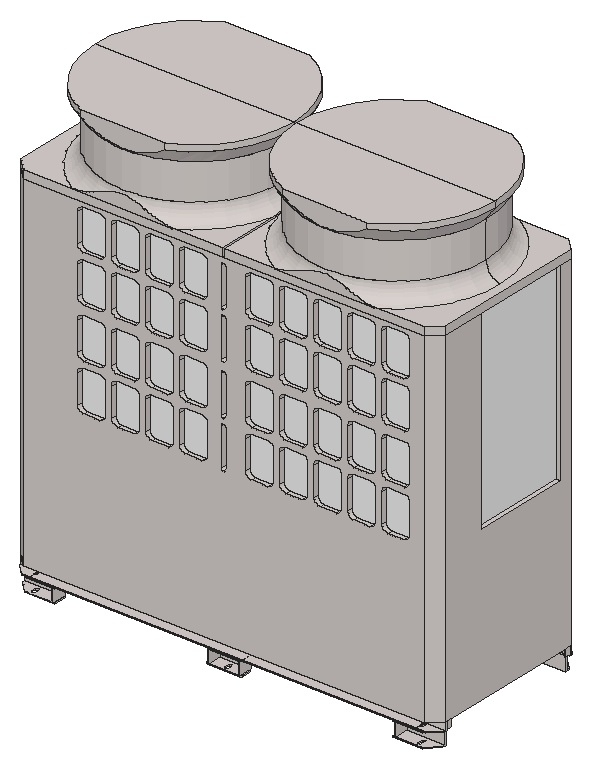
Revit family "PUHY-EM500YNW-A1", category 機械設備, Revit 2016 (continued)
Dimensions and locks
  cut or joined group 1 (Extrusion 1, Extrusion 2, Extrusion 3, Extrusion 4, Extrusion 5, Extrusion 6, Extrusion 7, Extrusion 8, Extrusion 9, Extrusion 10, Extrusion 11, Extrusion 12, Extrusion 13, Extrusion 14, Extrusion 15, Extrusion 16, Extrusion 17, Extrusion 18, Extrusion 19, Extrusion 20, Extrusion 21, Extrusion 22, Extrusion 23, Extrusion 24, Extrusion 25, Extrusion 26, Extrusion 27, Extrusion 28, Extrusion 29, Extrusion 30, Extrusion 31, Extrusion 32, Extrusion 33, Extrusion 34, Extrusion 35, Extrusion 36, Extrusion 37, Extrusion 38, Extrusion 39, Extrusion 40, Extrusion 41, Extrusion 42, Extrusion 43, Extrusion 44, Extrusion 45, Extrusion 46, Extrusion 47) to cut or joined group 1 = 50.000 mm
  Extrusion 22 sketch curve to Extrusion 22 sketch curve = 116.800 mm
  Extrusion 22 sketch curve to Extrusion 22 sketch curve = 170.800 mm
  Extrusion 23 sketch curve to Extrusion 23 sketch curve = 116.800 mm
  Extrusion 23 sketch curve to Extrusion 23 sketch curve = 170.800 mm
  Extrusion 24 sketch curve to Extrusion 24 sketch curve = 116.800 mm
  Extrusion 24 sketch curve to Extrusion 24 sketch curve = 170.800 mm
  Extrusion 25 sketch curve to Extrusion 25 sketch curve = 116.800 mm
  Extrusion 25 sketch curve to Extrusion 25 sketch curve = 170.800 mm
  Extrusion 26 sketch curve to Extrusion 26 sketch curve = 116.800 mm
  Extrusion 26 sketch curve to Extrusion 26 sketch curve = 170.800 mm
  Extrusion 27 sketch curve to Extrusion 27 sketch curve = 116.800 mm
  Extrusion 27 sketch curve to Extrusion 27 sketch curve = 170.800 mm
  Extrusion 28 sketch curve to Extrusion 28 sketch curve = 116.800 mm
  Extrusion 28 sketch curve to Extrusion 28 sketch curve = 170.800 mm
  Extrusion 29 sketch curve to Extrusion 29 sketch curve = 116.800 mm
  Extrusion 29 sketch curve to Extrusion 29 sketch curve = 170.800 mm
  Extrusion 30 sketch curve to Extrusion 30 sketch curve = 116.800 mm
  Extrusion 30 sketch curve to Extrusion 30 sketch curve = 170.800 mm
  Extrusion 31 sketch curve to Extrusion 31 sketch curve = 116.800 mm
  Extrusion 31 sketch curve to Extrusion 31 sketch curve = 170.800 mm
  Extrusion 32 sketch curve to Extrusion 32 sketch curve = 116.800 mm
  Extrusion 32 sketch curve to Extrusion 32 sketch curve = 170.800 mm
  Extrusion 33 sketch curve to Extrusion 33 sketch curve = 116.800 mm
  Extrusion 33 sketch curve to Extrusion 33 sketch curve = 170.800 mm
  Extrusion 34 sketch curve to Extrusion 34 sketch curve = 116.800 mm
  Extrusion 34 sketch curve to Extrusion 34 sketch curve = 170.800 mm
  Extrusion 35 sketch curve to Extrusion 35 sketch curve = 116.800 mm
  Extrusion 35 sketch curve to Extrusion 35 sketch curve = 170.800 mm
  Extrusion 36 sketch curve to Extrusion 36 sketch curve = 116.800 mm
  Extrusion 36 sketch curve to Extrusion 36 sketch curve = 170.800 mm
  Extrusion 37 sketch curve to Extrusion 37 sketch curve = 116.800 mm
  Extrusion 37 sketch curve to Extrusion 37 sketch curve = 170.800 mm
  nested 2 to level = 1858.000 mm
  cut or joined group 1 to nested 5 to nested 3 to nested 7 to cut or joined group 1 = 80.000 mm, 795.000 mm, 795.000 mm, 80.000 mm
  cut or joined group 1 to cut or joined group 1 = 740.000 mm
  cut or joined group 1 to curve 7 to curve 5 = 653.000 mm, 150.000 mm
  cut or joined group 1 to curve 4 to curve 6 = 79.000 mm, 94.000 mm
  curve 35 to cut or joined group 1 = 172.000 mm
  curve 34 to cut or joined group 1 = 152.000 mm
  curve 36 to cut or joined group 1 = 216.000 mm
  cut or joined group 1 to curve 35 = 110.000 mm
  cut or joined group 1 to curve 36 = 166.000 mm
  cut or joined group 1 to curve 34 = 185.000 mm
  cut or joined group 1 to curve 16 to curve 18 = 650.000 mm, 148.000 mm
  cut or joined group 1 to curve 24 = 132.000 mm
  cut or joined group 1 to curve 27 = 207.000 mm
  cut or joined group 1 to curve 25 = 256.000 mm
  curve 25 to nested 3 = 90.000 mm
  curve 27 to nested 3 = 125.000 mm
  curve 24 to nested 3 = 110.000 mm
  nested 1 to nested 1 = 740.000 mm
  nested 6 to nested 6 to nested 5 to nested 5 = 60.000 mm, 620.000 mm, 60.000 mm
  nested 3 to nested 3 = 20.000 mm
  nested 3 to plane 6 "front" = 54.000 mm
  nested 4 to nested 3 = 592.000 mm
  nested 4 to nested 4 = 20.000 mm
  plane 5 to nested 4 = 54.000 mm
  Extrusion 46 sketch curve to nested 3 = 116.000 mm
  Extrusion 47 sketch curve to nested 3 = 127.000 mm
  cut or joined group 1 to cut or joined group 1 = 185.000 mm
  cut or joined group 1 to nested 5 = 116.000 mm
  cut or joined group 1 to nested 5 = 127.000 mm
  cut or joined group 1 to plane 11 = 685.000 mm
  cut or joined group 1 to plane 12 = 768.000 mm
  aligned and locked: level to plane 2
  aligned and locked: plane 4 "panel_L" to Extrusion 1
  aligned and locked: Extrusion 1 to plane 5
  aligned and locked: plane 6 "front" to Extrusion 1
  aligned and locked: Extrusion 1 to plane 4 "panel_L"
  aligned and locked: nested 3 to curve 31
Nested families
  nested 1: "FAN GUARD" at (-415, 0, 860), type "FAN GUARD"
    with WIDTH 870.000 mm
  nested 2: "FAN GUARD" at (415, 0, 860) x (-1, 0, 0) z (0, 0, 1), type "FAN GUARD"
    with WIDTH 870.000 mm
  nested 3: "BASE LEG" at (0, -352, 60), type "BASE LEG"
    with Width 1750.000 mm
  nested 4: "BASE LEG" at (0, 352, 60), type "BASE LEG"
    with Width 1750.000 mm
  nested 5: "ATTACHMENT LEG" at (-789, -352, 0), type "ATTACHMENT LEG"
  nested 6: "ATTACHMENT LEG" at (-789, 352, 0), type "ATTACHMENT LEG"
  nested 7: "ATTACHMENT LEG" at (789, -352, 0) x (-1, 0, 0) z (0, 0, 1), type "ATTACHMENT LEG"
  nested 8: "ATTACHMENT LEG" at (789, 352, 0) x (-1, 0, 0) z (0, 0, 1), type "ATTACHMENT LEG"
  nested 9: "ATTACHMENT LEG_XL" at (0, 352, 0) x (-1, 0, 0) z (0, 0, 1), type "ATTACHMENT LEG_XL"
  nested 10: "ATTACHMENT LEG_XL" at (0, -352, 0), type "ATTACHMENT LEG_XL"
Connectors
  electrical at (-233.5, -370, 279), driven by "Phase", driven by "Voltage"
    settings: index 1, voltage 380 V, apparent load 0 VA, apparent load phase1 0 VA, apparent load phase2 0 VA, apparent load phase3 0 VA, power factor 1, load classification "HVAC", number of poles 3, system type 30, power factor state 1, is connector primary yes, connector utility no, sub classification motor no, connector description ""
  piping at (-107, -185, 187), diameter 28.58, driven by "Gas pipe_radius"
    settings: on cut or joined group 1, index 2, connector inside diameter 28.58 mm, connector length 0.000 mm, flow factor 0, pipe flow 0.0 L/s, pressure drop 0.0 Pa, fitting loss kfactor 0, connector angle 0.00°, fixture units 0, engagement length 0.000 mm, angle of deflection 0.00°, flow configuration 0, flow direction 0, fitting loss method 0, system type 22, joint type 0, gender type 0, connector reference index -1, connector utility 0, adjustable connector no, is connector primary yes, connector description "Refrigerant service valve <gas>"
  piping at (-190, -185, 176), diameter 15.88, driven by "Liquid pipe_radius"
    settings: on cut or joined group 1, index 3, connector inside diameter 15.88 mm, connector length 0.000 mm, flow factor 0, pipe flow 0.0 L/s, pressure drop 0.0 Pa, fitting loss kfactor 0, connector angle 0.00°, fixture units 0, engagement length 0.000 mm, angle of deflection 0.00°, flow configuration 0, flow direction 0, fitting loss method 0, system type 22, joint type 0, gender type 0, connector reference index -1, connector utility 0, adjustable connector no, is connector primary no, connector description "Refrigerant service valve <liquid>"
Definition of nested family "FAN GUARD"
  Parameters
    WIDTH [instance] = 870.000 mm
  Reference planes
    plane 1 "中心(正面/背面)": y = 0
    plane 2: z = 0
    plane 3 "中心(左/右)": x = 0
    plane 4 "ファンガード基準面": z = 661
    plane 5: y = 370
    plane 6: y = -370
    plane 7: x = 410
    plane 8: x = -460
    plane 9 "ファンガード基準上面": z = 695
    plane 10 "ファンガード上面": z = 998
    plane 11: x = 410
    plane 12: x = -460
  Forms (mm)
    Extrusion 1, solid
      sketch origin (0, 0, 661) x (-1, 0, 0) y (0, -1, 0)
        loop
          line (410, -370) -> (460, -320) -> (460, 320) -> (410, 370) -> (-410, 370) -> (-410, -370) -> (410, -370)
      from 0 to 34
    Revolve 2, solid
      sketch origin (0, 0, 0) x (1, 0, 0) y (0, 0, 1)
        loop
          line (0, 695) -> (0, 998) -> (-408.829, 998) -> (-408.829, 972.327) -> (-368.829, 915.201) -> (-368.829, 765.141)
          arc (-368.829, 765.141) -> (-384.109, 720.678) -> (-423.494, 695) r 72.332
          line (-423.494, 695) -> (0, 695)
        axis (0, 998) -> (0, 695)
      angle from 0 to 360
    Extrusion 3, void
      sketch origin (0, 0, 695) x (-1, 0, 0) y (0, -1, 0)
        loop
          line (345, -370) -> (-345, -370) -> (-345, -545) -> (345, -545) -> (345, -370)
        loop
          line (345, 370) -> (345, 539.592) -> (-345, 539.592) -> (-345, 370) -> (345, 370)
      from 0 to 400
    Extrusion 4, void
      sketch origin (0, 0, 695) x (-1, 0, 0) y (0, -1, 0)
        loop
          line (-410, -160) -> (-410, 160) -> (-450, 160) -> (-450, -160) -> (-410, -160)
      from 0 to 250
  Cuts and joins
    Extrusion 3, Extrusion 4 cuts Revolve 2
  Lines and regions (mm)
    model lines
      curve 1: line (-408.829, 0, 998) -> (-80, 0, 998)
      curve 2: line (80, 0, 998) -> (408.829, 0, 998)
      curve 3: circle (0, 0, 998) r 80 normal (0, 0, 1)
      curve 4: line (-400, -80, 998) -> (400.925, -80, 998)
      curve 5: line (-376.219, -160, 998) -> (376.219, -160, 998)
      curve 6: line (-330.97, -240, 998) -> (330.97, -240, 998)
      curve 7: line (-254.442, -320, 998) -> (254.442, -320, 998)
      curve 8: line (-400.925, 80, 998) -> (400.925, 80, 998)
      curve 9: line (-376.219, 160, 998) -> (376.219, 160, 998)
      curve 10: line (-330.97, 240, 998) -> (330.97, 240, 998)
      curve 11: line (-254.442, 320, 998) -> (254.442, 320, 998)
      curve 12: line (0, 370, 998) -> (0, -370, 998)
      curve 13: line (-20, 370, 998) -> (-20, -370, 998)
      curve 14: line (-40, 370, 998) -> (-40, -370, 998)
      curve 15: line (-60, 370, 998) -> (-60, -370, 998)
      curve 16: line (-80, 370, 998) -> (-80, -370, 998)
      curve 17: line (20, 370, 998) -> (20, -370, 998)
      curve 18: line (40, 370, 998) -> (40, -370, 998)
      curve 19: line (60, 370, 998) -> (60, -370, 998)
      curve 20: line (80, 370, 998) -> (80, -370, 998)
      curve 21: line (100, 370, 998) -> (100, -370, 998)
      curve 22: line (120, 370, 998) -> (120, -370, 998)
      curve 23: line (140, 370, 998) -> (140, -370, 998)
      curve 24: line (160, 370, 998) -> (160, -370, 998)
      curve 25: line (180, 367.071, 998) -> (180, -367.071, 998)
      curve 26: line (200, 356.568, 998) -> (200, -356.568, 998)
      curve 27: line (220, 344.588, 998) -> (220, -344.588, 998)
      curve 28: line (240, 330.97, 998) -> (240, -330.97, 998)
      curve 29: line (260, 315.501, 998) -> (260, -315.501, 998)
      curve 30: line (280, 297.894, 998) -> (280, -297.894, 998)
      curve 31: line (300, 277.743, 998) -> (300, -277.743, 998)
      curve 32: line (320, 254.442, 998) -> (320, -254.442, 998)
      curve 33: line (340, 227.026, 998) -> (340, -227.026, 998)
      curve 34: line (360, 193.755, 998) -> (360, -193.755, 998)
      curve 35: line (380, 150.801, 998) -> (380, -150.801, 998)
      curve 36: line (400, 84.504, 998) -> (400, -84.504, 998)
      curve 37: line (-100, 370, 998) -> (-100, -370, 998)
      curve 38: line (-120, 370, 998) -> (-120, -370, 998)
      curve 39: line (-140, 370, 998) -> (-140, -370, 998)
      curve 40: line (-160, 370, 998) -> (-160, -370, 998)
      curve 41: line (-180, 367.071, 998) -> (-180, -367.071, 998)
      curve 42: line (-200, 356.568, 998) -> (-200, -356.568, 998)
      curve 43: line (-220, 344.588, 998) -> (-220, -344.588, 998)
      curve 44: line (-240, 330.97, 998) -> (-240, -330.97, 998)
      curve 45: line (-260, 315.501, 998) -> (-260, -315.501, 998)
      curve 46: line (-280, 297.894, 998) -> (-280, -297.894, 998)
      curve 47: line (-300, 277.743, 998) -> (-300, -277.743, 998)
      curve 48: line (-320, 254.442, 998) -> (-320, -254.442, 998)
      curve 49: line (-340, 227.026, 998) -> (-340, -227.026, 998)
      curve 50: line (-360, 193.755, 998) -> (-360, -193.755, 998)
      curve 51: line (-380, 150.801, 998) -> (-380, -150.801, 998)
      curve 52: line (-400, 84.504, 998) -> (-400, -84.504, 998)
      curve 53: line (10, 79.373, 998) -> (10, -79.373, 998)
      curve 54: line (-10, 79.373, 998) -> (-10, -79.373, 998)
      curve 55: line (30, 74.162, 998) -> (30, -74.162, 998)
      curve 56: line (50, 62.45, 998) -> (50, -62.45, 998)
      curve 57: line (70, 38.73, 998) -> (70, -38.73, 998)
      curve 58: line (-30, 74.162, 998) -> (-30, -74.162, 998)
      curve 59: line (-50, 62.45, 998) -> (-50, -62.45, 998)
      curve 60: line (-70, 38.73, 998) -> (-70, -38.73, 998)
  Dimensions and locks
    "WIDTH": plane 8 to plane 7
    locked: plane 6 to plane 5 at 740
    plane 8 to plane 3 "中心(左/右)" to plane 7 = 460.000 mm, 410.000 mm
    equal spacing: plane 6, plane 1 "中心(正面/背面)", plane 5
    plane 3 "中心(左/右)" to Revolve 2 sketch curve = 408.829 mm
    locked: plane 10 "ファンガード上面" to plane 9 "ファンガード基準上面" at 303
    locked: plane 12 to plane 11 at 870
    locked: plane 3 "中心(左/右)" to plane 11 at 410
    locked: plane 12 to plane 3 "中心(左/右)" at 460
    plane 9 "ファンガード基準上面" to plane 4 "ファンガード基準面" = 34.000 mm
    aligned and locked: level to plane 2
    aligned and locked: plane 5 to Extrusion 1 sketch curve
    aligned and locked: Extrusion 1 sketch curve to plane 6
    aligned and locked: plane 8 to Extrusion 1 sketch curve
    aligned and locked: plane 7 to Extrusion 1 sketch curve
    aligned and locked: plane 9 "ファンガード基準上面" to Extrusion 1
    aligned and locked: plane 4 "ファンガード基準面" to Extrusion 1
    aligned and locked: plane 9 "ファンガード基準上面" to Revolve 2 sketch curve
    aligned and locked: Revolve 2 sketch curve to plane 3 "中心(左/右)"
    aligned and locked: cut or joined group of Revolve 2, Extrusion 3, Extrusion 4 to plane 10 "ファンガード上面"
    aligned and locked: plane 11 to Extrusion 1
    aligned and locked: Extrusion 1 to plane 12
  Automatic sketch dimensions
    plane 8 to Extrusion 1 sketch curve = 50.000 mm  (x2)
    plane 5 to Extrusion 1 sketch curve = 50.000 mm
    Extrusion 1 sketch curve to plane 6 = 50.000 mm
    plane 3 "中心(左/右)" to Extrusion 3 sketch curve = 345.000 mm  (x2)
    Extrusion 3 sketch curve to plane 3 "中心(左/右)" = 345.000 mm  (x2)
    Extrusion 3 sketch curve to Extrusion 3 sketch curve = 175.000 mm
    Extrusion 3 sketch curve to Extrusion 3 sketch curve = 169.592 mm
    plane 1 "中心(正面/背面)" to curve 2 = 0.000 mm
    plane 1 "中心(正面/背面)" to curve 3 = 0.000 mm
    curve 3 to plane 3 "中心(左/右)" = 0.000 mm
    curve 12 to plane 3 "中心(左/右)" = 0.000 mm
    plane 1 "中心(正面/背面)" to curve 1 = 0.000 mm
    plane 3 "中心(左/右)" to curve 53 = 10.000 mm
    curve 17 to curve 12 = 20.000 mm
    curve 55 to curve 53 = 20.000 mm
    curve 18 to curve 17 = 20.000 mm
    curve 56 to curve 55 = 20.000 mm
    curve 19 to curve 18 = 20.000 mm
    curve 57 to curve 56 = 20.000 mm
    curve 20 to curve 19 = 20.000 mm
    curve 2 to curve 57 = 10.000 mm
    curve 21 to curve 20 = 20.000 mm
    curve 22 to curve 21 = 20.000 mm
    curve 23 to curve 22 = 20.000 mm
    curve 24 to curve 23 = 20.000 mm
    curve 25 to curve 24 = 20.000 mm
    curve 26 to curve 25 = 20.000 mm
    curve 27 to curve 26 = 20.000 mm
    curve 28 to curve 27 = 20.000 mm
    curve 29 to curve 28 = 20.000 mm
    curve 29 to curve 11 = 5.558 mm
    curve 29 to curve 7 = 5.558 mm
    curve 30 to curve 7 = 25.558 mm
    curve 31 to curve 30 = 20.000 mm
    curve 32 to curve 31 = 20.000 mm
    curve 33 to curve 32 = 20.000 mm
    curve 33 to curve 6 = 9.030 mm
    curve 33 to curve 10 = 9.030 mm
    curve 34 to curve 10 = 29.030 mm
    curve 35 to curve 34 = 20.000 mm
    curve 35 to curve 9 = 3.781 mm
    curve 35 to curve 5 = 3.781 mm
    curve 36 to curve 9 = 23.781 mm
    curve 8 to curve 36 = 0.925 mm
    curve 4 to curve 36 = 0.925 mm
    curve 54 to plane 3 "中心(左/右)" = 10.000 mm
    curve 13 to plane 3 "中心(左/右)" = 20.000 mm
    curve 54 to curve 58 = 20.000 mm
    curve 13 to curve 14 = 20.000 mm
    curve 58 to curve 59 = 20.000 mm
    curve 14 to curve 15 = 20.000 mm
    curve 59 to curve 60 = 20.000 mm
    curve 15 to curve 16 = 20.000 mm
    curve 16 to curve 37 = 20.000 mm
    curve 37 to curve 38 = 20.000 mm
    curve 38 to curve 39 = 20.000 mm
    curve 39 to curve 40 = 20.000 mm
    curve 40 to curve 41 = 20.000 mm
    curve 41 to curve 42 = 20.000 mm
    curve 42 to curve 43 = 20.000 mm
    curve 43 to curve 44 = 20.000 mm
    curve 44 to curve 45 = 20.000 mm
    curve 7 to curve 45 = 5.558 mm
    curve 11 to curve 45 = 5.558 mm
    curve 7 to curve 46 = 25.558 mm
    curve 46 to curve 47 = 20.000 mm
    curve 47 to curve 48 = 20.000 mm
    curve 48 to curve 49 = 20.000 mm
    curve 6 to curve 49 = 9.030 mm
    curve 10 to curve 49 = 9.030 mm
    curve 10 to curve 50 = 29.030 mm
    curve 50 to curve 51 = 20.000 mm
    curve 9 to curve 51 = 3.781 mm
    curve 5 to curve 51 = 3.781 mm
    curve 5 to curve 52 = 23.781 mm
    curve 52 to curve 8 = 0.925 mm
    curve 8 to plane 1 "中心(正面/背面)" = 80.000 mm
    curve 36 to curve 8 = 4.504 mm
    curve 52 to curve 8 = 4.504 mm
    curve 9 to curve 36 = 75.496 mm
    curve 9 to curve 51 = 9.199 mm
    curve 9 to curve 35 = 9.199 mm
    curve 50 to curve 51 = 42.954 mm
    curve 34 to curve 35 = 42.954 mm
    curve 10 to curve 50 = 46.245 mm
    curve 10 to curve 33 = 12.974 mm
    curve 10 to curve 49 = 12.974 mm
    curve 48 to curve 49 = 27.416 mm
    curve 32 to curve 33 = 27.416 mm
    curve 47 to curve 48 = 23.300 mm
    curve 31 to curve 32 = 23.300 mm
    curve 46 to curve 47 = 20.152 mm
    curve 30 to curve 31 = 20.152 mm
    curve 11 to curve 30 = 22.106 mm
    curve 11 to curve 29 = 4.499 mm
    curve 11 to curve 45 = 4.499 mm
    curve 28 to curve 29 = 15.469 mm
    curve 44 to curve 45 = 15.469 mm
    curve 43 to curve 44 = 13.618 mm
    curve 27 to curve 28 = 13.618 mm
    curve 12 to curve 27 = 25.412 mm
    curve 12 to curve 21 = 0.000 mm
    curve 13 to curve 12 = 0.000 mm
    curve 14 to curve 13 = 0.000 mm  (x2)
    curve 12 to curve 18 = 0.000 mm
    curve 21 to curve 23 = 0.000 mm
    curve 42 to curve 43 = 11.980 mm
    curve 23 to curve 24 = 0.000 mm  (x2)
    curve 41 to curve 42 = 10.502 mm
    curve 24 to curve 25 = 2.929 mm
    curve 40 to curve 41 = 2.929 mm
    curve 25 to curve 26 = 10.502 mm
    curve 40 to curve 39 = 0.000 mm  (x2)
    curve 20 to curve 21 = 0.000 mm  (x2)
    curve 39 to curve 38 = 0.000 mm  (x2)
    curve 15 to curve 14 = 0.000 mm
    curve 38 to curve 37 = 0.000 mm
    curve 37 to curve 16 = 0.000 mm  (x2)
    curve 18 to curve 19 = 0.000 mm  (x2)
    curve 12 to curve 17 = 0.000 mm  (x2)
    curve 21 to curve 22 = 0.000 mm  (x2)
    curve 4 to curve 36 = 4.504 mm
    curve 4 to curve 52 = 4.504 mm
    curve 36 to curve 5 = 75.496 mm
    curve 51 to curve 5 = 9.199 mm
    curve 35 to curve 5 = 9.199 mm
    curve 35 to curve 34 = 42.954 mm
    curve 51 to curve 50 = 42.954 mm
    curve 50 to curve 6 = 46.245 mm
    curve 49 to curve 6 = 12.974 mm
    curve 33 to curve 6 = 12.974 mm
    curve 49 to curve 48 = 27.416 mm
    curve 33 to curve 32 = 27.416 mm
    curve 48 to curve 47 = 23.300 mm
    curve 32 to curve 31 = 23.300 mm
    curve 47 to curve 46 = 20.152 mm
    curve 31 to curve 30 = 20.152 mm
    curve 30 to curve 7 = 22.106 mm
    curve 45 to curve 7 = 4.499 mm
    curve 29 to curve 7 = 4.499 mm
    curve 29 to curve 28 = 15.469 mm
    curve 45 to curve 44 = 15.469 mm
    curve 44 to curve 43 = 13.618 mm
    curve 28 to curve 27 = 13.618 mm
    curve 43 to curve 13 = 25.412 mm
    curve 27 to curve 23 = 25.412 mm
    curve 15 to curve 13 = 0.000 mm
    curve 43 to curve 41 = 22.483 mm
    curve 42 to curve 41 = 10.502 mm
    curve 16 to curve 15 = 0.000 mm
    curve 41 to curve 40 = 2.929 mm
    curve 25 to curve 24 = 2.929 mm
    curve 26 to curve 25 = 10.502 mm
    curve 22 to curve 23 = 0.000 mm
    curve 13 to curve 17 = 0.000 mm
    curve 17 to curve 19 = 0.000 mm
    Revolve 2 sketch curve to plane 10 "ファンガード上面" = 0.000 mm
    Revolve 2 sketch curve to plane 3 "中心(左/右)" = 0.000 mm
    Revolve 2 sketch curve to Revolve 2 sketch curve = 14.665 mm
    Revolve 2 sketch curve to Revolve 2 sketch curve = 17.668 mm
    Revolve 2 sketch curve to plane 10 "ファンガード上面" = 82.799 mm
    Revolve 2 sketch curve to Revolve 2 sketch curve = 40.000 mm
    Revolve 2 sketch curve to level = 1700.815 mm
    Revolve 2 sketch curve to plane 10 "ファンガード上面" = 25.673 mm
    Revolve 2 sketch curve to Revolve 2 sketch curve = 790.769 mm
    curve 4 to curve 1 = 8.829 mm
    curve 2 to curve 4 = 7.904 mm
    plane 1 "中心(正面/背面)" to curve 4 = 80.000 mm
    Extrusion 4 sketch curve to plane 1 "中心(正面/背面)" = 160.000 mm
    plane 3 "中心(左/右)" to Extrusion 4 sketch curve = 450.000 mm
    Extrusion 4 sketch curve to Extrusion 4 sketch curve = 40.000 mm
    plane 1 "中心(正面/背面)" to Extrusion 4 sketch curve = 160.000 mm
    Extrusion 3 sketch curve to plane 1 "中心(正面/背面)" = 545.000 mm
    plane 1 "中心(正面/背面)" to Extrusion 3 sketch curve = 370.000 mm
Definition of nested family "BASE LEG"
  Parameters
    Width [instance] = 920.000 mm
  Reference planes
    plane 1 "中心(正面/背面)": y = 0
    plane 2: z = 0
    plane 3 "中心(左/右)": x = 0
    plane 4: x = 460
    plane 5: x = -460
    plane 6: x = -380
    plane 7: x = 380
    plane 8: y = -18
    plane 9: y = 39
    plane 10: z = 53
    plane 11: y = 42
    plane 12: y = 27
    plane 13: x = 415
    plane 14: x = -415
    plane 15: z = 8
    plane 16: y = 11.5
    plane 17: z = 35
  Forms (mm)
    Extrusion 1, solid
      sketch origin (0, 0, 0) x (0, 1, 0) y (0, 0, 1)
        loop
          line (-18, 0) -> (36, 0) -> (36, 32) -> (56, 32) -> (56, 35) -> (33, 35) -> (33, 3) -> (-18, 3) -> (-18, 0)
      from -460 to 460
    Extrusion 2, void
      sketch origin (0, 0, 0) x (1, 0, 0) y (0, 1, 0)
        loop
          line (415, -18) -> (460, -18) -> (460, 27) -> (415, -18)
        loop
          line (-415, -18) -> (-460, 27) -> (-460, -18) -> (-415, -18)
      from 0 to 250
    Extrusion 3, void
      sketch origin (0, 12.023, 0) x (1, 0, 0) y (0, 1, 0)
        loop
          arc (373, -2.971) -> (380, -9.971) -> (387, -2.971) r 7
          line (387, -2.971) -> (387, 3.023)
          arc (387, 3.023) -> (380, 10.023) -> (373, 3.023) r 7
          line (373, 3.023) -> (373, -2.971)
        loop
          line (-373, -2.971) -> (-373, 3.023)
          arc (-373, 3.023) -> (-380, 10.023) -> (-387, 3.023) r 7
          line (-387, 3.023) -> (-387, -2.971)
          arc (-387, -2.971) -> (-380, -9.971) -> (-373, -2.971) r 7
      from 0 to 250
    Extrusion 4, solid
      sketch origin (0, 0, -3) x (1, 0, 0) y (0, 0, 1)
        loop
          line (457, 8) -> (460, 8) -> (460, 35) -> (457, 35) -> (457, 8)
        loop
          line (-457, 8) -> (-457, 35) -> (-460, 35) -> (-460, 8) -> (-457, 8)
      from -36 to -56
    Extrusion 5, solid
      sketch origin (150, 352, 0) x (1, 0, 0) y (0, 1, 0)
        loop
          line (310, -319) -> (305, -319) -> (305, -320) -> (255, -370) -> (260, -370) -> (310, -320) -> (310, -319)
      from 3 to 35
    Extrusion 6, void
      sketch origin (410, -18, 0) x (0.707107, 0.707107, 0) y (0, 0, 1)
        loop
          line (70.711, 3) -> (-6.741, 39.767) -> (-6.741, 3) -> (70.711, 3)
      from -190.256 to 23.776
    Extrusion 7, solid
      sketch origin (-150, 352, 0) x (-1, 0, 0) y (0, -1, 0)
        loop
          line (310, 319) -> (310, 320) -> (260, 370) -> (255, 370) -> (305, 320) -> (305, 319) -> (310, 319)
      from 3 to 35
    Extrusion 8, void
      sketch origin (-410, -18, 0) x (0.707107, -0.707107, 0) y (0, 0, -1)
        loop
          line (-70.711, -3) -> (0, -35) -> (6.741, -35) -> (6.741, -3) -> (-70.711, -3)
      from -190.256 to 23.776
  Cuts and joins
    Extrusion 2, Extrusion 3 cuts Extrusion 1
    joined: Extrusion 1, Extrusion 4
    Extrusion 8 cuts Extrusion 7
    Extrusion 6 cuts Extrusion 5
  Dimensions and locks
    "Width": plane 5 to plane 4
    equal spacing: plane 5, plane 3 "中心(左/右)", plane 4
    locked: plane 5 to plane 6 at 80
    locked: plane 7 to plane 4 at 80
    locked: plane 8 to plane 9 at 57
    locked: plane 10 to level at 53
    locked: plane 9 to plane 11 at 3
    plane 8 to plane 12 = 45.000 mm
    locked: plane 13 to plane 4 at 45
    locked: plane 5 to plane 14 at 45
    equal spacing: Extrusion 3 sketch curve, plane 7, Extrusion 3 sketch curve
    equal spacing: Extrusion 3 sketch curve, plane 6, Extrusion 3 sketch curve
    locked: plane 10 to plane 15 at 45
    locked: cut or joined group of Extrusion 1, Extrusion 2, Extrusion 3, Extrusion 4 to Extrusion 4 sketch curve at 3  (x2)
    locked: plane 8 to plane 16 at 29.5
    plane 8 to plane 11 = 60.000 mm
    cut or joined group of Extrusion 1, Extrusion 2, Extrusion 3, Extrusion 4 to cut or joined group of Extrusion 1, Extrusion 2, Extrusion 3, Extrusion 4 = 35.000 mm
    aligned and locked: level to plane 2
    aligned and locked: plane 8 to Extrusion 1 sketch curve
    aligned and locked: plane 4 to Extrusion 1
    aligned and locked: Extrusion 1 to plane 5
    aligned and locked: Extrusion 2 sketch curve to plane 4
    aligned and locked: Extrusion 2 sketch curve to plane 8
    aligned and locked: plane 12 to Extrusion 2 sketch curve
    aligned and locked: plane 13 to Extrusion 2 sketch curve
    aligned and locked: plane 4 to Extrusion 4 sketch curve
    aligned and locked: plane 5 to Extrusion 4 sketch curve
    aligned and locked: cut or joined group of Extrusion 7, Extrusion 8 to cut or joined group of Extrusion 1, Extrusion 2, Extrusion 3, Extrusion 4
  Automatic sketch dimensions
    Extrusion 3 sketch curve to plane 1 "中心(正面/背面)" = 9.052 mm  (x2)
    Extrusion 3 sketch curve to plane 7 = 7.000 mm
    Extrusion 3 sketch curve to plane 1 "中心(正面/背面)" = 15.046 mm  (x2)
    Extrusion 3 sketch curve to plane 6 = 7.000 mm
    Extrusion 2 sketch curve to plane 5 = 0.000 mm
    plane 8 to Extrusion 2 sketch curve = 0.000 mm
    Extrusion 2 sketch curve to plane 14 = 0.000 mm
    plane 12 to Extrusion 2 sketch curve = 0.000 mm
    Extrusion 4 sketch curve to plane 10 = 21.000 mm
    plane 7 to Extrusion 5 sketch curve = 25.000 mm
    Extrusion 5 sketch curve to Extrusion 5 sketch curve = 5.000 mm  (x2)
    plane 7 to Extrusion 5 sketch curve = 75.000 mm
    plane 8 to Extrusion 5 sketch curve = 0.000 mm
    Extrusion 5 sketch curve to Extrusion 5 sketch curve = 50.000 mm
    Extrusion 5 sketch curve to Extrusion 5 sketch curve = 0.000 mm
    Extrusion 5 sketch curve to Extrusion 5 sketch curve = 1.000 mm
    Extrusion 6 sketch curve to Extrusion 5 = 0.000 mm  (x2)
    Extrusion 6 sketch curve to Extrusion 5 = 6.741 mm
    Extrusion 6 sketch curve to Extrusion 5 = 4.767 mm
    plane 6 to Extrusion 7 sketch curve = 25.000 mm
    Extrusion 7 sketch curve to Extrusion 7 sketch curve = 5.000 mm  (x2)
    Extrusion 7 sketch curve to Extrusion 7 sketch curve = 45.000 mm
    Extrusion 7 sketch curve to plane 8 = 0.000 mm
    Extrusion 7 sketch curve to Extrusion 7 sketch curve = 50.000 mm
    Extrusion 7 sketch curve to Extrusion 7 sketch curve = 0.000 mm
    Extrusion 7 sketch curve to Extrusion 7 sketch curve = 1.000 mm
    Extrusion 8 sketch curve to Extrusion 7 = 0.000 mm  (x2)
    Extrusion 7 to Extrusion 8 sketch curve = 0.000 mm  (x2)
    Extrusion 7 to Extrusion 8 sketch curve = 6.741 mm
    Extrusion 4 sketch curve to plane 17 = 3.000 mm
    Extrusion 4 sketch curve to plane 15 = 3.000 mm  (x2)
    Extrusion 1 sketch curve to plane 17 = 0.000 mm
    Extrusion 1 sketch curve to level = 0.000 mm
    level to Extrusion 1 sketch curve = 3.000 mm
    plane 9 to Extrusion 1 sketch curve = 6.000 mm
    plane 9 to Extrusion 1 sketch curve = 3.000 mm
    Extrusion 1 sketch curve to plane 17 = 3.000 mm
    Extrusion 1 sketch curve to plane 11 = 14.000 mm
Definition of nested family "ATTACHMENT LEG"
  Parameters
    Width = 145.000 mm
  Reference planes
    plane 1: z = 0
    plane 2 "中心(左/右)": x = -6
    plane 3: x = -52
    plane 4: x = 85
    plane 5: x = 93
    plane 6: y = -18
    plane 7: y = 27
    plane 8: x = -30
    plane 9: y = 42
    plane 10: z = 60
    plane 11: z = 57
    plane 12: z = 3
    plane 13: x = 82
    plane 14: y = 39
    plane 15: x = -75
    plane 16: y = 32
    plane 17 "幅": x = 93
    plane 18: y = 5.5
    plane 19: y = 21
    plane 20: y = -10
  Forms (mm)
    Extrusion 1, solid
      sketch origin (0, 0, 0) x (1, 0, 0) y (0, 1, 0)
        loop
          line (-75, 42) -> (-75, 27) -> (-30, -18) -> (93, -18) -> (93, 32) -> (85, 32) -> (85, 42) -> (-75, 42)
      from 0 to 60
    Extrusion 2, void
      sketch origin (0, 0, 0) x (1, 0, 0) y (0, 0, 1)
        loop
          line (-75, 57) -> (-75, 3) -> (82, 3) -> (82, 57) -> (-75, 57)
        loop
          line (93, 57) -> (85, 57) -> (85, 3) -> (93, 3) -> (93, 57)
      from -39 to 18
    Extrusion 3, void
      sketch origin (-6, 5.5, 0) x (1, 0, 0) y (0, 1, 0)
        loop
          arc (-7, -8.5) -> (0, -15.5) -> (7, -8.5) r 7
          line (7, -8.5) -> (7, 8.5)
          arc (7, 8.5) -> (0, 15.5) -> (-7, 8.5) r 7
          line (-7, 8.5) -> (-7, -8.5)
      from 0 to 60
  Cuts and joins
    Extrusion 2, Extrusion 3 cuts Extrusion 1
  Dimensions and locks
    locked: plane 3 to plane 4 at 137
    locked: plane 3 to plane 5 at 145
    plane 6 to plane 7 = 45.000 mm
    locked: plane 6 to plane 9 at 60
    locked: plane 10 to level at 60
    Extrusion 3 sketch curve to plane 2 "中心(左/右)" = 7.000 mm
    locked: plane 15 to plane 2 "中心(左/右)" at 69
    locked: plane 15 to plane 8 at 45
    locked: plane 6 to plane 18 at 23.5
    cut or joined group of Extrusion 1, Extrusion 2, Extrusion 3 to cut or joined group of Extrusion 1, Extrusion 2, Extrusion 3 = 168.000 mm
    aligned and locked: level to plane 1
    aligned and locked: plane 9 to Extrusion 1 sketch curve
    aligned and locked: Extrusion 1 sketch curve to plane 4
    aligned and locked: Extrusion 1 sketch curve to plane 5
    aligned and locked: Extrusion 1 sketch curve to plane 6
    aligned: plane 8 to Extrusion 1 sketch curve
    aligned and locked: plane 10 to Extrusion 1
    aligned and locked: Extrusion 2 sketch curve to plane 11
    aligned: plane 3 to Extrusion 2 sketch curve
    aligned and locked: plane 12 to Extrusion 2 sketch curve
    aligned and locked: Extrusion 2 sketch curve to plane 13
    aligned and locked: plane 6 to Extrusion 2
    aligned and locked: Extrusion 2 to plane 14
    aligned and locked: plane 11 to Extrusion 2 sketch curve
    aligned and locked: plane 5 to Extrusion 2 sketch curve
    aligned and locked: Extrusion 2 sketch curve to plane 12
    aligned and locked: Extrusion 2 sketch curve to plane 4
    aligned and locked: plane 15 to Extrusion 1 sketch curve
    aligned and locked: plane 8 to Extrusion 1 sketch curve
    aligned and locked: Extrusion 2 sketch curve to cut or joined group of Extrusion 1, Extrusion 2, Extrusion 3
    aligned and locked: Extrusion 1 to plane 16
Definition of nested family "ATTACHMENT LEG_XL"
  Parameters
    Width = 145.000 mm
  Reference planes
    plane 1: z = 0
    plane 2 "中心(左/右)": x = 0
    plane 3: x = -72.5
    plane 4: x = 72.5
    plane 5: y = -18
    plane 6: y = 42
    plane 7: z = 60
    plane 8: z = 57
    plane 9: z = 3
    plane 10: y = 5.5
  Forms (mm)
    Extrusion 1, solid
      sketch origin (0, 0, 0) x (1, 0, 0) y (0, 1, 0)
        loop
          line (-72.5, 42) -> (-72.5, -18) -> (72.5, -18) -> (72.5, 42) -> (-72.5, 42)
      from 0 to 60
    Extrusion 2, void
      sketch origin (67.561, -18, 0) x (1, 0, 0) y (0, 0, -1)
        loop
          line (-140.061, -57) -> (-132.061, -57) -> (-132.061, -3) -> (-140.061, -3) -> (-140.061, -57)
        loop
          line (4.939, -57) -> (4.939, -3) -> (-3.061, -3) -> (-3.061, -57) -> (4.939, -57)
      from 0 to 60
    Extrusion 3, void
      sketch origin (67.561, -18, 0) x (1, 0, 0) y (0, 0, -1)
        loop
          line (-129.061, -3) -> (-129.061, -57) -> (-6.061, -57) -> (-6.061, -3) -> (-129.061, -3)
      from 0 to 57
    Extrusion 4, void
      sketch origin (0, 0, 0) x (1, 0, 0) y (0, 1, 0)
        loop
          line (-7, 14) -> (-7, -3.029)
          arc (-7, -3.029) -> (0, -10.029) -> (7, -3.029) r 7
          line (7, -3.029) -> (7, 14)
          arc (7, 14) -> (0, 21) -> (-7, 14) r 7
      from 0 to 3
    Extrusion 5, void
      sketch origin (0, 0, 60) x (0, 1, 0) y (1, 0, 0)
        loop
          line (32, 67.5) -> (32, 64.5) -> (42, 64.5) -> (42, 72.5) -> (27, 72.5) -> (32, 67.5)
        loop
          line (-13, 72.5) -> (-18, 72.5) -> (-18, 67.5) -> (-13, 72.5)
        loop
          line (32, -67.5) -> (27, -72.5) -> (42, -72.5) -> (42, -64.5) -> (32, -64.5) -> (32, -67.5)
        loop
          line (-13, -72.5) -> (-18, -67.5) -> (-18, -72.5) -> (-13, -72.5)
      from 0 to 60
  Cuts and joins
    Extrusion 2, Extrusion 3, Extrusion 4, Extrusion 5 cuts Extrusion 1
  Dimensions and locks
    locked: plane 3 to plane 4 at 145
    locked: plane 5 to plane 6 at 60
    locked: plane 7 to level at 60
    aligned and locked: level to plane 1
    aligned and locked: plane 7 to Extrusion 1
Types (6, lengths in mm): name | Voltage | Rated Load Ampacity (A) Heating mode | Rated Load Ampacity (A) Cooling mode | Hertz | Heating Current (A) | Cooling Current (A)
  PUHY-EM500YNW-A1_380V_50Hz | 380 V | 28.2 | 28.8 | 50 Hz | 28.2 | 28.8
  PUHY-EM500YNW-A1_380V_60Hz | 380 V | 28.2 | 28.8 | 60 Hz | 28.2 | 28.8
  PUHY-EM500YNW-A1_400V_50Hz | 400 V | 26.8 | 27.3 | 50 Hz | 26.8 | 27.3
  PUHY-EM500YNW-A1_400V_60Hz | 400 V | 26.8 | 27.3 | 60 Hz | 26.8 | 27.3
  PUHY-EM500YNW-A1_415V_50Hz | 415 V | 25.8 | 26.3 | 50 Hz | 25.8 | 26.3
  PUHY-EM500YNW-A1_415V_60Hz | 415 V | 25.8 | 26.3 | 60 Hz | 25.8 | 26.3
